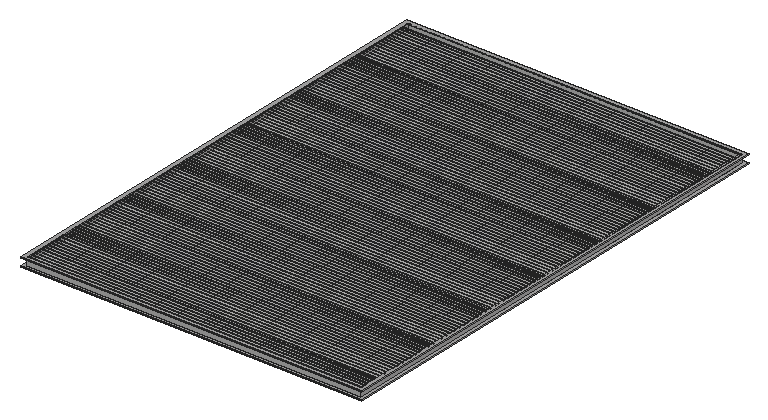
Revit family "Louver-Channel_Frame-Carnes-Rectangular-Sight_Proof_FYKB", category Air Terminals, host Face, Revit 2012
Parameters (values of type "(See Type Catalog)")
  ecoScorecard_data = ""
  ecoScorecard Product Page = "http://ecoscorecard.com/"
  URL = "http://www.carnes.com/index.html"
  Symbol Blades Quantity [instance] = Louver Width / 3"  # 28
  Subcategory = "Louvers and Dampers"
  Specifications  URL = "http://www.carnes.com/Louvers/pdf/17138.pdf"
  Product Page URL = "http://www.carnes.com/louvers/FYKB-FZKB.htm"
  Product Line = "Sight Proof Louvers"
  Pressure Drop = 0.00 Pa
  Outside Width = Louver Width + 1" * 2  # 86"
  Outside Height = Louver Height + 1" * 2  # 122"
  Model = "FYKB"
  Minimum Size = "12\"W x 12\"H"
  Meets Building Code Standards = "Licensed to bear the AMCA seal"
  Maximum Vertical Size = "84\"W x 120\"H"
  Maximum Horinzontal Size = "120\"W x 84\"H"
  Manufacturer = "Carnes Company"
  Free Area Note = "See Spec Sheet URL"
  Free Area = 0.00 SF
  Description = "Sight Proof Louvers"
  Connector Description 1 = "Duct Connetor"
  Blades Quantity [instance] = (Louver Height - (Blade Offset from Frame - 1")) / 1"  # 119
  Manufacturer Phone = "608-845-6411"
  Manufacturer Fax = "608-845-6470"
  Manufacturer Email = "mailto:carnes@carnes.com"
  Manufacturer Address = "448 S. Main St., P. O. Box 930040, Verona, WI 53593-0040"
  Louver Width = 84"
  Louver Length = 2 41/256"  # constant formula
  Louver Height = 120"
  Blades Length [instance] = Louver Length - 1/2"  # 1 169/256"
  Frame Material = Aluminum - Carnes - Extruded
  Default Elevation = 48"
  Cost Info = "mailto:carnes@carnes.com"
  Catalog URL = "http://www.carnes.com/Louvers/pdf/f47.pdf"
  Blades Width [instance] = Outside Width - 1" * 2  # 84"
  Blade Offset from Frame [instance] = 2"
  Blade Material = Aluminum - Carnes - Extruded
  Assembly Code = "D3090700"
  Airflow = 0 CFM
  95 CSI = "10200"
  04 CSI = "08 91 00"
Reference planes (in)
  plane 1 "Center (Elevation)": y = 0
  plane 2: z = 0
  plane 3 "Center (Left/Right)": x = 0
  plane 4: z = -2.16016
  plane 5: z = -0.125
  plane 6: z = -2.03516
  plane 7: z = -1.08008
  plane 8: x = -42
  plane 9: x = 42
  plane 10: x = -43
  plane 11: x = 43
  plane 12: y = 60
  plane 13: y = -60
  plane 14: y = 61
  plane 15: y = -61
  plane 16 "Blade CL": y = 59
Forms (in)
  Extrusion 1, solid, material "Aluminum - Carnes - Extruded" <- "Frame Material"
    sketch origin (0, 0, 0) x (1, 0, 0) y (0, 1, 0)
      loop
        line (-43, 61) -> (-43, -61) -> (43, -61) -> (43, 61) -> (-43, 61)
      loop
        line (-42, 60) -> (-42, -60) -> (42, -60) -> (42, 60) -> (-42, 60)
    from -0.125 to 0
  Extrusion 2, solid, material "Aluminum - Carnes - Extruded" <- "Frame Material"
    sketch origin (0, 0, 0) x (1, 0, 0) y (0, 1, 0)
      loop
        line (-43, 61) -> (-43, -61) -> (43, -61) -> (43, 61) -> (-43, 61)
      loop
        line (-42, 60) -> (-42, -60) -> (42, -60) -> (42, 60) -> (-42, 60)
    from -2.16016 to -2.03516
  Extrusion 3, solid, material "Aluminum - Carnes - Extruded" <- "Frame Material"
    sketch origin (0, 0, 0) x (1, 0, 0) y (0, 1, 0)
      loop
        line (-42, 60) -> (-42, -60) -> (42, -60) -> (42, 60) -> (-42, 60)
      loop
        line (-42.125, 60.125) -> (-42.125, -60.125) -> (42.125, -60.125) -> (42.125, 60.125) -> (-42.125, 60.125)
    from -2.03516 to -0.125
Lines and regions (in)
  Masking region 1, detail levels medium+fine
    outline origin (0, 0, 0) x (1, 0, 0) y (0, 0, 1)
      loop
        line (43, 0) -> (-43, 0) -> (-43, -2.16016) -> (43, -2.16016) -> (43, 0)
  Masking region 2, detail levels medium+fine
    outline origin (0, 0, 0) x (1, 0, 0) y (0, 0, 1)
      loop
        line (42, 0) -> (42, -2.16016) -> (43, -2.16016) -> (43, -2.03516) -> (42.125, -2.03516) -> (42.125, -0.125) -> (43, -0.125) -> (43, 0) -> (42, 0)
      loop
        line (-42, 0) -> (-43, 0) -> (-43, -0.125) -> (-42.125, -0.125) -> (-42.125, -2.03516) -> (-43, -2.03516) -> (-43, -2.16016) -> (-42, -2.16016) -> (-42, 0)
  symbolic lines, detail levels fine
    curve 1: line (42, 0, -0.125) -> (-42, 0, -0.125)
    curve 2: line (42, 0, -2.03516) -> (-42, 0, -2.03516)
  symbolic lines
    curve 3: line (-42, 0, -0.125) -> (-41.5625, 0, -0.125)
    curve 4: line (-41.5625, 0, -0.125) -> (-40.42814, 0, -2.037)
    curve 5: line (-40.42814, 0, -2.037) -> (-39.99064, 0, -2.037)
    curve 6: line (39.99064, 0, -0.125) -> (40.42814, 0, -0.125)
    curve 7: line (40.42814, 0, -0.125) -> (41.5625, 0, -2.037)
    curve 8: line (41.5625, 0, -2.037) -> (42, 0, -2.037)
    curve 9: line (-38.96331, 0, -0.125) -> (-38.52581, 0, -0.125)
    curve 10: line (-38.52581, 0, -0.125) -> (-37.39145, 0, -2.037)
    curve 11: line (-37.39145, 0, -2.037) -> (-36.95395, 0, -2.037)
    curve 12: line (-35.92662, 0, -0.125) -> (-35.48912, 0, -0.125)
    curve 13: line (-35.48912, 0, -0.125) -> (-34.35476, 0, -2.037)
    curve 14: line (-34.35476, 0, -2.037) -> (-33.91726, 0, -2.037)
    curve 15: line (-32.88993, 0, -0.125) -> (-32.45243, 0, -0.125)
    curve 16: line (-32.45243, 0, -0.125) -> (-31.31807, 0, -2.037)
    curve 17: line (-31.31807, 0, -2.037) -> (-30.88057, 0, -2.037)
    curve 18: line (-29.85324, 0, -0.125) -> (-29.41574, 0, -0.125)
    curve 19: line (-29.41574, 0, -0.125) -> (-28.28138, 0, -2.037)
    curve 20: line (-28.28138, 0, -2.037) -> (-27.84388, 0, -2.037)
    curve 21: line (-26.81655, 0, -0.125) -> (-26.37905, 0, -0.125)
    curve 22: line (-26.37905, 0, -0.125) -> (-25.24469, 0, -2.037)
    curve 23: line (-25.24469, 0, -2.037) -> (-24.80719, 0, -2.037)
    curve 24: line (-23.77986, 0, -0.125) -> (-23.34236, 0, -0.125)
    curve 25: line (-23.34236, 0, -0.125) -> (-22.208, 0, -2.037)
    curve 26: line (-22.208, 0, -2.037) -> (-21.7705, 0, -2.037)
    curve 27: line (-20.74317, 0, -0.125) -> (-20.30567, 0, -0.125)
    curve 28: line (-20.30567, 0, -0.125) -> (-19.17131, 0, -2.037)
    curve 29: line (-19.17131, 0, -2.037) -> (-18.73381, 0, -2.037)
    curve 30: line (-17.70648, 0, -0.125) -> (-17.26898, 0, -0.125)
    curve 31: line (-17.26898, 0, -0.125) -> (-16.13462, 0, -2.037)
    curve 32: line (-16.13462, 0, -2.037) -> (-15.69712, 0, -2.037)
    curve 33: line (-14.66979, 0, -0.125) -> (-14.23229, 0, -0.125)
    curve 34: line (-14.23229, 0, -0.125) -> (-13.09793, 0, -2.037)
    curve 35: line (-13.09793, 0, -2.037) -> (-12.66043, 0, -2.037)
    curve 36: line (-11.6331, 0, -0.125) -> (-11.1956, 0, -0.125)
    curve 37: line (-11.1956, 0, -0.125) -> (-10.06124, 0, -2.037)
    curve 38: line (-10.06124, 0, -2.037) -> (-9.62374, 0, -2.037)
    curve 39: line (-8.59641, 0, -0.125) -> (-8.15891, 0, -0.125)
    curve 40: line (-8.15891, 0, -0.125) -> (-7.02455, 0, -2.037)
    curve 41: line (-7.02455, 0, -2.037) -> (-6.58705, 0, -2.037)
    curve 42: line (-5.55972, 0, -0.125) -> (-5.12222, 0, -0.125)
    curve 43: line (-5.12222, 0, -0.125) -> (-3.98786, 0, -2.037)
    curve 44: line (-3.98786, 0, -2.037) -> (-3.55036, 0, -2.037)
    curve 45: line (-2.52303, 0, -0.125) -> (-2.08553, 0, -0.125)
    curve 46: line (-2.08553, 0, -0.125) -> (-0.95117, 0, -2.037)
    curve 47: line (-0.95117, 0, -2.037) -> (-0.51367, 0, -2.037)
    curve 48: line (0.51367, 0, -0.125) -> (0.95117, 0, -0.125)
    curve 49: line (0.95117, 0, -0.125) -> (2.08553, 0, -2.037)
    curve 50: line (2.08553, 0, -2.037) -> (2.52303, 0, -2.037)
    curve 51: line (3.55036, 0, -0.125) -> (3.98786, 0, -0.125)
    curve 52: line (3.98786, 0, -0.125) -> (5.12222, 0, -2.037)
    curve 53: line (5.12222, 0, -2.037) -> (5.55972, 0, -2.037)
    curve 54: line (6.58705, 0, -0.125) -> (7.02455, 0, -0.125)
    curve 55: line (7.02455, 0, -0.125) -> (8.15891, 0, -2.037)
    curve 56: line (8.15891, 0, -2.037) -> (8.59641, 0, -2.037)
    curve 57: line (9.62374, 0, -0.125) -> (10.06124, 0, -0.125)
    curve 58: line (10.06124, 0, -0.125) -> (11.1956, 0, -2.037)
    curve 59: line (11.1956, 0, -2.037) -> (11.6331, 0, -2.037)
    curve 60: line (12.66043, 0, -0.125) -> (13.09793, 0, -0.125)
    curve 61: line (13.09793, 0, -0.125) -> (14.23229, 0, -2.037)
    curve 62: line (14.23229, 0, -2.037) -> (14.66979, 0, -2.037)
    curve 63: line (15.69712, 0, -0.125) -> (16.13462, 0, -0.125)
    curve 64: line (16.13462, 0, -0.125) -> (17.26898, 0, -2.037)
    curve 65: line (17.26898, 0, -2.037) -> (17.70648, 0, -2.037)
    curve 66: line (18.73381, 0, -0.125) -> (19.17131, 0, -0.125)
    curve 67: line (19.17131, 0, -0.125) -> (20.30567, 0, -2.037)
    curve 68: line (20.30567, 0, -2.037) -> (20.74317, 0, -2.037)
    curve 69: line (21.7705, 0, -0.125) -> (22.208, 0, -0.125)
    curve 70: line (22.208, 0, -0.125) -> (23.34236, 0, -2.037)
    curve 71: line (23.34236, 0, -2.037) -> (23.77986, 0, -2.037)
    curve 72: line (24.80719, 0, -0.125) -> (25.24469, 0, -0.125)
    curve 73: line (25.24469, 0, -0.125) -> (26.37905, 0, -2.037)
    curve 74: line (26.37905, 0, -2.037) -> (26.81655, 0, -2.037)
    curve 75: line (27.84388, 0, -0.125) -> (28.28138, 0, -0.125)
    curve 76: line (28.28138, 0, -0.125) -> (29.41574, 0, -2.037)
    curve 77: line (29.41574, 0, -2.037) -> (29.85324, 0, -2.037)
    curve 78: line (30.88057, 0, -0.125) -> (31.31807, 0, -0.125)
    curve 79: line (31.31807, 0, -0.125) -> (32.45243, 0, -2.037)
    curve 80: line (32.45243, 0, -2.037) -> (32.88993, 0, -2.037)
    curve 81: line (33.91726, 0, -0.125) -> (34.35476, 0, -0.125)
    curve 82: line (34.35476, 0, -0.125) -> (35.48912, 0, -2.037)
    curve 83: line (35.48912, 0, -2.037) -> (35.92662, 0, -2.037)
    curve 84: line (36.95395, 0, -0.125) -> (37.39145, 0, -0.125)
    curve 85: line (37.39145, 0, -0.125) -> (38.52581, 0, -2.037)
    curve 86: line (38.52581, 0, -2.037) -> (38.96331, 0, -2.037)
Dimensions and locks (in)
  equal spacing: plane 10, plane 3 "Center (Left/Right)", plane 11
  "Outside Width": plane 10 to plane 11
  equal spacing: plane 15, plane 1 "Center (Elevation)", plane 14
  "Outside Height": plane 15 to plane 14
  locked: plane 2 to plane 5 at 0.125
  locked: plane 6 to plane 4 at 0.125
  "Louver Length": plane 2 to plane 4
  equal spacing: plane 5, plane 7, plane 6
  "Blade Offset from Frame": plane 14 to plane 16 "Blade CL"
  locked: plane 10 to plane 8 at 1
  locked: plane 9 to plane 11 at 1
  locked: plane 14 to plane 12 at 1
  locked: plane 15 to plane 13 at 1
  locked: Extrusion 3 sketch curve to Extrusion 3 sketch curve at 0.125  (x4)
  curve 3 to plane 7 to curve 5 = 0.95508", 0.95692"
  equal spacing: group 1, group 3, group 4, group 5, group 6, group 7, group 8, group 20, group 21, group 22, group 23, group 24, group 133, group 134, group 135, group 136, group 137, group 138, group 139, group 140, group 141, group 142, group 143, group 144, group 145, group 146, group 147, group 2  (x3)
  equal spacing: group 9, group 10, group 11, group 12, group 13, group 14, group 15, group 16, group 17, group 18, group 19, group 25, group 26, group 27, group 28, group 29, group 30, group 31, group 32, group 33, group 34, group 35, group 36, group 37, group 38, group 39, group 40, group 41, group 42, group 43, group 44, group 45, group 46, group 47, group 48, group 49, group 50, group 51, group 52, group 53, group 54, group 55, group 56, group 57, group 58, group 59, group 60, group 61, group 62, group 63, group 64, group 65, group 66, group 67, group 68, group 69, group 70, group 71, group 72, group 73, group 74, group 75, group 76, group 77, group 78, group 79, group 80, group 81, group 82, group 83, group 84, group 85, group 86, group 87, group 88, group 89, group 90, group 91, group 92, group 93, group 94, group 95, group 96, group 97, group 98, group 99, group 100, group 101, group 102, group 103, group 104, group 105, group 106, group 107, group 108, group 109, group 110, group 111, group 112, group 113, group 114, group 115, group 116, group 117, group 118, group 119, group 120, group 121, group 122, group 123, group 124, group 125, group 126, group 127, group 128, group 129, group 130, group 131, group 132  (x2)
  equal spacing: group 132, group 131, group 130, group 129, group 128, group 127, group 126, group 125, group 124, group 123, group 122, group 121, group 120, group 119, group 118, group 117, group 116, group 115, group 114, group 113, group 112, group 111, group 110, group 109, group 108, group 107, group 106, group 105, group 104, group 103, group 102, group 101, group 100, group 99, group 98, group 97, group 96, group 95, group 94, group 93, group 92, group 91, group 90, group 89, group 88, group 87, group 86, group 85, group 84, group 83, group 82, group 81, group 80, group 79, group 78, group 77, group 76, group 75, group 74, group 73, group 72, group 71, group 70, group 69, group 68, group 67, group 66, group 65, group 64, group 63, group 62, group 61, group 60, group 59, group 58, group 57, group 56, group 55, group 54, group 53, group 52, group 51, group 50, group 49, group 48, group 47, group 46, group 45, group 44, group 43, group 42, group 41, group 40, group 39, group 38, group 37, group 36, group 35, group 34, group 33, group 32, group 31, group 30, group 29, group 28, group 27, group 26, group 25, group 19, group 18, group 17, group 16, group 15, group 14, group 13, group 12, group 11, group 10, group 9
  locked: nested 2 to nested 1 at 1
  locked: plane 9 to Masking region 2 sketch curve at 0.125
  locked: plane 8 to Masking region 2 sketch curve at 0.125
  aligned and locked: plane 2 to host face
  aligned and locked: host face to level
  aligned and locked: plane 10 to Extrusion 1 sketch curve
  aligned and locked: Extrusion 1 sketch curve to plane 14
  aligned and locked: plane 15 to Extrusion 1 sketch curve
  aligned and locked: plane 11 to Extrusion 1 sketch curve
  aligned and locked: plane 8 to Extrusion 1 sketch curve
  aligned and locked: Extrusion 1 sketch curve to plane 12
  aligned and locked: plane 13 to Extrusion 1 sketch curve
  aligned and locked: plane 9 to Extrusion 1 sketch curve
  aligned and locked: Extrusion 1 to plane 5
  aligned and locked: plane 2 to Extrusion 1
  aligned and locked: Extrusion 2 sketch curve to Extrusion 1  (x6)
  aligned and locked: Extrusion 1 to Extrusion 2 sketch curve  (x2)
  aligned and locked: plane 6 to Extrusion 2
  aligned and locked: Extrusion 2 to plane 4
  aligned and locked: plane 5 to Extrusion 3
  aligned and locked: Extrusion 3 to plane 6
  aligned and locked: plane 11 to Masking region 1 sketch curve
  aligned and locked: Masking region 1 sketch curve to plane 2
  aligned and locked: plane 4 to Masking region 1 sketch curve
  aligned and locked: plane 10 to Masking region 1 sketch curve
  aligned and locked: curve 1 to plane 5
  aligned and locked: curve 2 to plane 6
  aligned and locked: plane 8 to curve 1
  aligned and locked: plane 8 to curve 2
  aligned and locked: plane 9 to curve 1
  aligned and locked: plane 9 to curve 2
  aligned and locked: plane 8 to curve 3
  aligned and locked: plane 7 to nested 1
  aligned and locked: Extrusion 3 sketch curve to plane 12
  aligned and locked: plane 8 to Extrusion 3 sketch curve
  aligned and locked: Extrusion 3 sketch curve to plane 13
  aligned and locked: plane 9 to Extrusion 3 sketch curve
  aligned and locked: nested 1 to plane 16 "Blade CL"
  aligned and locked: plane 7 to nested 11
  aligned and locked: plane 9 to curve 8
  aligned and locked: curve 6 to plane 5
  aligned and locked: plane 11 to Masking region 2 sketch curve
  aligned and locked: Masking region 2 sketch curve to plane 11
  aligned and locked: Masking region 2 sketch curve to plane 4
  aligned and locked: Masking region 2 sketch curve to plane 9
  aligned and locked: Masking region 2 sketch curve to plane 2
  aligned and locked: plane 5 to Masking region 2 sketch curve
  aligned and locked: plane 6 to Masking region 2 sketch curve
  aligned and locked: Masking region 2 sketch curve to plane 10
  aligned and locked: plane 10 to Masking region 2 sketch curve
  aligned and locked: plane 8 to Masking region 2 sketch curve
  aligned and locked: plane 2 to Masking region 2 sketch curve
  aligned and locked: plane 4 to Masking region 2 sketch curve
  aligned and locked: Masking region 2 sketch curve to plane 5
  aligned and locked: Masking region 2 sketch curve to plane 6
Automatic sketch dimensions
  host sketch curve to host sketch curve = 124.28147"
  host sketch curve to host sketch curve = 173.35151"
Nested families (in)
  nested 1: "Louver_Blade-Carnes-Angled" at (0, 59, -1.08008), type "Standard"
    with Width 84"
  nested 2: "Louver_Blade-Carnes-Angled" at (0, 58, -1.08008), type "Standard"
    with Width 84"
  nested 3: "Louver_Blade-Carnes-Angled" at (0, 57, -1.08008), type "Standard"
    with Width 84"
  nested 4: "Louver_Blade-Carnes-Angled" at (0, 56, -1.08008), type "Standard"
    with Width 84"
  nested 5: "Louver_Blade-Carnes-Angled" at (0, 55, -1.08008), type "Standard"
    with Width 84"
  nested 6: "Louver_Blade-Carnes-Angled" at (0, 54, -1.08008), type "Standard"
    with Width 84"
  nested 7: "Louver_Blade-Carnes-Angled" at (0, 53, -1.08008), type "Standard"
    with Width 84"
  nested 8: "Louver_Blade-Carnes-Angled" at (0, 52, -1.08008), type "Standard"
    with Width 84"
  nested 9: "Louver_Blade-Carnes-Angled" at (0, 51, -1.08008), type "Standard"
    with Width 84"
  nested 10: "Louver_Blade-Carnes-Angled" at (0, 50, -1.08008), type "Standard"
    with Width 84"
  nested 11: "Louver_Blade-Carnes-Angled" at (0, 49, -1.08008), type "Standard"
    with Width 84"
  nested 12: "Louver_Blade-Carnes-Angled" at (0, 48, -1.08008), type "Standard"
    with Width 84"
  nested 13: "Louver_Blade-Carnes-Angled" at (0, 47, -1.08008), type "Standard"
    with Width 84"
  nested 14: "Louver_Blade-Carnes-Angled" at (0, 46, -1.08008), type "Standard"
    with Width 84"
  nested 15: "Louver_Blade-Carnes-Angled" at (0, 45, -1.08008), type "Standard"
    with Width 84"
  nested 16: "Louver_Blade-Carnes-Angled" at (0, 44, -1.08008), type "Standard"
    with Width 84"
  nested 17: "Louver_Blade-Carnes-Angled" at (0, 43, -1.08008), type "Standard"
    with Width 84"
  nested 18: "Louver_Blade-Carnes-Angled" at (0, 42, -1.08008), type "Standard"
    with Width 84"
  nested 19: "Louver_Blade-Carnes-Angled" at (0, 41, -1.08008), type "Standard"
    with Width 84"
  nested 20: "Louver_Blade-Carnes-Angled" at (0, 40, -1.08008), type "Standard"
    with Width 84"
  nested 21: "Louver_Blade-Carnes-Angled" at (0, 39, -1.08008), type "Standard"
    with Width 84"
  nested 22: "Louver_Blade-Carnes-Angled" at (0, 38, -1.08008), type "Standard"
    with Width 84"
  nested 23: "Louver_Blade-Carnes-Angled" at (0, 37, -1.08008), type "Standard"
    with Width 84"
  nested 24: "Louver_Blade-Carnes-Angled" at (0, 36, -1.08008), type "Standard"
    with Width 84"
  nested 25: "Louver_Blade-Carnes-Angled" at (0, 35, -1.08008), type "Standard"
    with Width 84"
  nested 26: "Louver_Blade-Carnes-Angled" at (0, 34, -1.08008), type "Standard"
    with Width 84"
  nested 27: "Louver_Blade-Carnes-Angled" at (0, 33, -1.08008), type "Standard"
    with Width 84"
  nested 28: "Louver_Blade-Carnes-Angled" at (0, 32, -1.08008), type "Standard"
    with Width 84"
  nested 29: "Louver_Blade-Carnes-Angled" at (0, 31, -1.08008), type "Standard"
    with Width 84"
  nested 30: "Louver_Blade-Carnes-Angled" at (0, 30, -1.08008), type "Standard"
    with Width 84"
  nested 31: "Louver_Blade-Carnes-Angled" at (0, 29, -1.08008), type "Standard"
    with Width 84"
  nested 32: "Louver_Blade-Carnes-Angled" at (0, 28, -1.08008), type "Standard"
    with Width 84"
  nested 33: "Louver_Blade-Carnes-Angled" at (0, 27, -1.08008), type "Standard"
    with Width 84"
  nested 34: "Louver_Blade-Carnes-Angled" at (0, 26, -1.08008), type "Standard"
    with Width 84"
  nested 35: "Louver_Blade-Carnes-Angled" at (0, 25, -1.08008), type "Standard"
    with Width 84"
  nested 36: "Louver_Blade-Carnes-Angled" at (0, 24, -1.08008), type "Standard"
    with Width 84"
  nested 37: "Louver_Blade-Carnes-Angled" at (0, 23, -1.08008), type "Standard"
    with Width 84"
  nested 38: "Louver_Blade-Carnes-Angled" at (0, 22, -1.08008), type "Standard"
    with Width 84"
  nested 39: "Louver_Blade-Carnes-Angled" at (0, 21, -1.08008), type "Standard"
    with Width 84"
  nested 40: "Louver_Blade-Carnes-Angled" at (0, 20, -1.08008), type "Standard"
    with Width 84"
  nested 41: "Louver_Blade-Carnes-Angled" at (0, 19, -1.08008), type "Standard"
    with Width 84"
  nested 42: "Louver_Blade-Carnes-Angled" at (0, 18, -1.08008), type "Standard"
    with Width 84"
  nested 43: "Louver_Blade-Carnes-Angled" at (0, 17, -1.08008), type "Standard"
    with Width 84"
  nested 44: "Louver_Blade-Carnes-Angled" at (0, 16, -1.08008), type "Standard"
    with Width 84"
  nested 45: "Louver_Blade-Carnes-Angled" at (0, 15, -1.08008), type "Standard"
    with Width 84"
  nested 46: "Louver_Blade-Carnes-Angled" at (0, 14, -1.08008), type "Standard"
    with Width 84"
  nested 47: "Louver_Blade-Carnes-Angled" at (0, 13, -1.08008), type "Standard"
    with Width 84"
  nested 48: "Louver_Blade-Carnes-Angled" at (0, 12, -1.08008), type "Standard"
    with Width 84"
  nested 49: "Louver_Blade-Carnes-Angled" at (0, 11, -1.08008), type "Standard"
    with Width 84"
  nested 50: "Louver_Blade-Carnes-Angled" at (0, 10, -1.08008), type "Standard"
    with Width 84"
  nested 51: "Louver_Blade-Carnes-Angled" at (0, 9, -1.08008), type "Standard"
    with Width 84"
  nested 52: "Louver_Blade-Carnes-Angled" at (0, 8, -1.08008), type "Standard"
    with Width 84"
  nested 53: "Louver_Blade-Carnes-Angled" at (0, 7, -1.08008), type "Standard"
    with Width 84"
  nested 54: "Louver_Blade-Carnes-Angled" at (0, 6, -1.08008), type "Standard"
    with Width 84"
  nested 55: "Louver_Blade-Carnes-Angled" at (0, 5, -1.08008), type "Standard"
    with Width 84"
  nested 56: "Louver_Blade-Carnes-Angled" at (0, 4, -1.08008), type "Standard"
    with Width 84"
  nested 57: "Louver_Blade-Carnes-Angled" at (0, 3, -1.08008), type "Standard"
    with Width 84"
  nested 58: "Louver_Blade-Carnes-Angled" at (0, 2, -1.08008), type "Standard"
    with Width 84"
  nested 59: "Louver_Blade-Carnes-Angled" at (0, 1, -1.08008), type "Standard"
    with Width 84"
  nested 60: "Louver_Blade-Carnes-Angled" at (0, 0, -1.08008), type "Standard"
    with Width 84"
  nested 61: "Louver_Blade-Carnes-Angled" at (0, -1, -1.08008), type "Standard"
    with Width 84"
  nested 62: "Louver_Blade-Carnes-Angled" at (0, -2, -1.08008), type "Standard"
    with Width 84"
  nested 63: "Louver_Blade-Carnes-Angled" at (0, -3, -1.08008), type "Standard"
    with Width 84"
  nested 64: "Louver_Blade-Carnes-Angled" at (0, -4, -1.08008), type "Standard"
    with Width 84"
  nested 65: "Louver_Blade-Carnes-Angled" at (0, -5, -1.08008), type "Standard"
    with Width 84"
  nested 66: "Louver_Blade-Carnes-Angled" at (0, -6, -1.08008), type "Standard"
    with Width 84"
  nested 67: "Louver_Blade-Carnes-Angled" at (0, -7, -1.08008), type "Standard"
    with Width 84"
  nested 68: "Louver_Blade-Carnes-Angled" at (0, -8, -1.08008), type "Standard"
    with Width 84"
  nested 69: "Louver_Blade-Carnes-Angled" at (0, -9, -1.08008), type "Standard"
    with Width 84"
  nested 70: "Louver_Blade-Carnes-Angled" at (0, -10, -1.08008), type "Standard"
    with Width 84"
  nested 71: "Louver_Blade-Carnes-Angled" at (0, -11, -1.08008), type "Standard"
    with Width 84"
  nested 72: "Louver_Blade-Carnes-Angled" at (0, -12, -1.08008), type "Standard"
    with Width 84"
  nested 73: "Louver_Blade-Carnes-Angled" at (0, -13, -1.08008), type "Standard"
    with Width 84"
  nested 74: "Louver_Blade-Carnes-Angled" at (0, -14, -1.08008), type "Standard"
    with Width 84"
  nested 75: "Louver_Blade-Carnes-Angled" at (0, -15, -1.08008), type "Standard"
    with Width 84"
  nested 76: "Louver_Blade-Carnes-Angled" at (0, -16, -1.08008), type "Standard"
    with Width 84"
  nested 77: "Louver_Blade-Carnes-Angled" at (0, -17, -1.08008), type "Standard"
    with Width 84"
  nested 78: "Louver_Blade-Carnes-Angled" at (0, -18, -1.08008), type "Standard"
    with Width 84"
  nested 79: "Louver_Blade-Carnes-Angled" at (0, -19, -1.08008), type "Standard"
    with Width 84"
  nested 80: "Louver_Blade-Carnes-Angled" at (0, -20, -1.08008), type "Standard"
    with Width 84"
  nested 81: "Louver_Blade-Carnes-Angled" at (0, -21, -1.08008), type "Standard"
    with Width 84"
  nested 82: "Louver_Blade-Carnes-Angled" at (0, -22, -1.08008), type "Standard"
    with Width 84"
  nested 83: "Louver_Blade-Carnes-Angled" at (0, -23, -1.08008), type "Standard"
    with Width 84"
  nested 84: "Louver_Blade-Carnes-Angled" at (0, -24, -1.08008), type "Standard"
    with Width 84"
  nested 85: "Louver_Blade-Carnes-Angled" at (0, -25, -1.08008), type "Standard"
    with Width 84"
  nested 86: "Louver_Blade-Carnes-Angled" at (0, -26, -1.08008), type "Standard"
    with Width 84"
  nested 87: "Louver_Blade-Carnes-Angled" at (0, -27, -1.08008), type "Standard"
    with Width 84"
  nested 88: "Louver_Blade-Carnes-Angled" at (0, -28, -1.08008), type "Standard"
    with Width 84"
  nested 89: "Louver_Blade-Carnes-Angled" at (0, -29, -1.08008), type "Standard"
    with Width 84"
  nested 90: "Louver_Blade-Carnes-Angled" at (0, -30, -1.08008), type "Standard"
    with Width 84"
  nested 91: "Louver_Blade-Carnes-Angled" at (0, -31, -1.08008), type "Standard"
    with Width 84"
  nested 92: "Louver_Blade-Carnes-Angled" at (0, -32, -1.08008), type "Standard"
    with Width 84"
  nested 93: "Louver_Blade-Carnes-Angled" at (0, -33, -1.08008), type "Standard"
    with Width 84"
  nested 94: "Louver_Blade-Carnes-Angled" at (0, -34, -1.08008), type "Standard"
    with Width 84"
  nested 95: "Louver_Blade-Carnes-Angled" at (0, -35, -1.08008), type "Standard"
    with Width 84"
  nested 96: "Louver_Blade-Carnes-Angled" at (0, -36, -1.08008), type "Standard"
    with Width 84"
  nested 97: "Louver_Blade-Carnes-Angled" at (0, -37, -1.08008), type "Standard"
    with Width 84"
  nested 98: "Louver_Blade-Carnes-Angled" at (0, -38, -1.08008), type "Standard"
    with Width 84"
  nested 99: "Louver_Blade-Carnes-Angled" at (0, -39, -1.08008), type "Standard"
    with Width 84"
  nested 100: "Louver_Blade-Carnes-Angled" at (0, -40, -1.08008), type "Standard"
    with Width 84"
  nested 101: "Louver_Blade-Carnes-Angled" at (0, -41, -1.08008), type "Standard"
    with Width 84"
  nested 102: "Louver_Blade-Carnes-Angled" at (0, -42, -1.08008), type "Standard"
    with Width 84"
  nested 103: "Louver_Blade-Carnes-Angled" at (0, -43, -1.08008), type "Standard"
    with Width 84"
  nested 104: "Louver_Blade-Carnes-Angled" at (0, -44, -1.08008), type "Standard"
    with Width 84"
  nested 105: "Louver_Blade-Carnes-Angled" at (0, -45, -1.08008), type "Standard"
    with Width 84"
  nested 106: "Louver_Blade-Carnes-Angled" at (0, -46, -1.08008), type "Standard"
    with Width 84"
  nested 107: "Louver_Blade-Carnes-Angled" at (0, -47, -1.08008), type "Standard"
    with Width 84"
  nested 108: "Louver_Blade-Carnes-Angled" at (0, -48, -1.08008), type "Standard"
    with Width 84"
  nested 109: "Louver_Blade-Carnes-Angled" at (0, -49, -1.08008), type "Standard"
    with Width 84"
  nested 110: "Louver_Blade-Carnes-Angled" at (0, -50, -1.08008), type "Standard"
    with Width 84"
  nested 111: "Louver_Blade-Carnes-Angled" at (0, -51, -1.08008), type "Standard"
    with Width 84"
  nested 112: "Louver_Blade-Carnes-Angled" at (0, -52, -1.08008), type "Standard"
    with Width 84"
  nested 113: "Louver_Blade-Carnes-Angled" at (0, -53, -1.08008), type "Standard"
    with Width 84"
  nested 114: "Louver_Blade-Carnes-Angled" at (0, -54, -1.08008), type "Standard"
    with Width 84"
  nested 115: "Louver_Blade-Carnes-Angled" at (0, -55, -1.08008), type "Standard"
    with Width 84"
  nested 116: "Louver_Blade-Carnes-Angled" at (0, -56, -1.08008), type "Standard"
    with Width 84"
  nested 117: "Louver_Blade-Carnes-Angled" at (0, -57, -1.08008), type "Standard"
    with Width 84"
  nested 118: "Louver_Blade-Carnes-Angled" at (0, -58, -1.08008), type "Standard"
    with Width 84"
  nested 119: "Louver_Blade-Carnes-Angled" at (0, -59, -1.08008), type "Standard"
    with Width 84"
Connectors (in)
  hvac at (0, 0, -2.16016), driven by "Connector Description 1", driven by "Airflow", driven by "Pressure Drop", driven by "Louver Height", driven by "Louver Width"
    settings: on Extrusion 2, index 1, duct flow 0 CFM, flow factor 0, pres drop 0.00 Pa, loss coef 0, conn angle 0.00°, conn width 84", conn height 120", conn radius 12", duct sys type 29, conn prof type 1, flow config 0, flow direction 0, loss method 4, conn ref index -1, conn util no, is conn primary yes, conn desc "Duct Connetor"
Definition of nested family "Louver_Blade-Carnes-Angled"
  Parameters (values of type "Standard")
    Width = 24"
    Blade Material = Aluminum - Carnes - Extruded
    Length = 2"
    Assembly Code = ""
  Reference planes (in)
    plane 1 "Center (Front/Back)": y = 0
    plane 2: z = 0
    plane 3 "Center (Left/Right)": x = 0
    plane 4: y = 0.725
    plane 5: y = -0.725
    plane 6: z = 1
    plane 7: z = -1
    plane 8: x = -12
    plane 9: x = 12
  Forms (in)
    Sweep 1, solid, material "Aluminum - Carnes - Extruded" <- "Blade Material"
      path origin (0, 0, 0) x (1, 0, 0) y (0, 1, 0)
        loop
          line (-12, 0) -> (12, 0)
      profile origin (0, 0, 0) x (0, 1, 0) y (0, 0, 1)
        loop
          line (-0.725, 1) -> (0.62131, 0) -> (-0.725, -1) -> (-0.62018, -1) -> (0.72612, 0) -> (-0.62018, 1) -> (-0.725, 1)
  Dimensions and locks (in)
    equal spacing: plane 7, plane 2, plane 6
    "Length": plane 7 to plane 6
    equal spacing: plane 8, plane 3 "Center (Left/Right)", plane 9
    "Width": plane 8 to plane 9
    equal spacing: plane 4, plane 1 "Center (Front/Back)", plane 5
    locked: plane 4 to plane 5 at 1.45
    aligned and locked: plane 1 "Center (Front/Back)" to Sweep 1 sketch curve
    aligned and locked: plane 8 to Sweep 1 sketch curve
    aligned and locked: plane 9 to Sweep 1 sketch curve
    aligned and locked: plane 7 to Sweep 1 sketch curve
    aligned and locked: Sweep 1 sketch curve to plane 6
    aligned and locked: plane 5 to Sweep 1 sketch curve  (x2)
  Automatic sketch dimensions
    Sweep 1 sketch curve to Sweep 1 sketch curve = 0.10482"  (x3)
    Sweep 1 sketch curve to Sweep 1 sketch curve = 1.24149"
    Sweep 1 sketch curve to Sweep 1 sketch curve = 1"
    Sweep 1 sketch curve to Sweep 1 sketch curve = 0"
